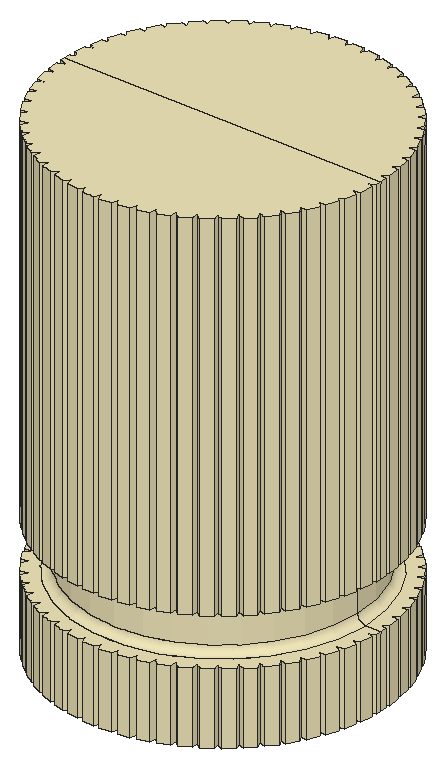
Revit family "ALMA-Mia_Linear_Handle-FaceBased", category Specialty Equipment, host Face, Revit 2026
Family settings
  Host = Face
  Round Connector Dimension = Use Diameter
  Part Type = Normal
  Enable Cutting in Views = Yes
  Cut with Voids When Loaded = No
  Maintain Annotation Orientation = No
  Shared = No
  Room Calculation Point = No
Parameters (values of type "BRUSHED BRASS GOLD")
  Material = BM_BRASS GOLD
  Default Elevation = 0 mm
Types (7, lengths in mm): name | Material
  (no name) | BM_BRASS GOLD
  CHROME | BM_CHROME
  BRUSHED GUNMETAL | BM_GUNMETAL
  BRUSHED ANTIQUE BRASS | BM_ANTIQUE BRASS
  BRUSHED NICKEL | BM_NICKEL
  MATTE BLACK | BM_MATTE BLACK
  BRUSHED BRASS GOLD | BM_BRASS GOLD
Reference planes
  plane 1 "Center (Front/Back)": y = 0
  plane 2: z = 0
  plane 3 "Center (Left/Right)": x = 0
Forms (mm)
  Extrusion 1, void
    sketch origin (0, 0, 0) x (1, 0, 0) y (0, 1, 0)
      loop
        circle (0, 0) r 3.474
    from 0 to 3.5
  Revolve 2, solid, material "BM_BRASS GOLD" <- "Material"
    sketch origin (0, 0, 0) x (1, 0, 0) y (0, 0, 1)
      loop
        line (0, 0) -> (0, 30) -> (-10.02, 30) -> (-10.02, 7.5) -> (-9.023, 7.5)
        arc (-9.023, 7.5) -> (-8.667, 7.353) -> (-8.52, 6.997) r 0.503
        line (-8.52, 6.997) -> (-8.52, 5.018)
        arc (-8.52, 5.018) -> (-8.671, 4.652) -> (-9.038, 4.5) r 0.518
        line (-9.038, 4.5) -> (-10.02, 4.5) -> (-10.02, 0) -> (0, 0)
      axis (0, 30) -> (0, 0)
    angle from 0 to 360
  Extrusion 3, void
    sketch origin (0.421, 0.281, 0) x (-0.555292, 0.831656, 0) y (-0.831656, -0.555292, 0)
      loop
        line (0, 10.17) -> (0.488, 11.16) -> (-0.5, 11.16) -> (0, 10.17)
    from 0 to 30
  Extrusion 4, void
    sketch origin (0.384, 0.329, 0) x (-0.650011, 0.759925, 0) y (-0.759925, -0.650011, 0)
      loop
        line (0, 10.17) -> (0.488, 11.16) -> (-0.5, 11.16) -> (0, 10.17)
    from 0 to 30
  Extrusion 5, void
    sketch origin (0.448, 0.234, 0) x (-0.462283, 0.886732, 0) y (-0.886732, -0.462283, 0)
      loop
        line (0, 10.17) -> (0.488, 11.16) -> (-0.5, 11.16) -> (0, 10.17)
    from 0 to 30
  Extrusion 6, void
    sketch origin (0.471, 0.184, 0) x (-0.363873, 0.931449, 0) y (-0.931449, -0.363873, 0)
      loop
        line (0, 10.17) -> (0.488, 11.16) -> (-0.5, 11.16) -> (0, 10.17)
    from 0 to 30
  Extrusion 7, void
    sketch origin (0.488, 0.132, 0) x (-0.261211, 0.965282, 0) y (-0.965282, -0.261211, 0)
      loop
        line (0, 10.17) -> (0.488, 11.16) -> (-0.5, 11.16) -> (0, 10.17)
    from 0 to 30
  Extrusion 8, void
    sketch origin (0.5, 0.079, 0) x (-0.155498, 0.987836, 0) y (-0.987836, -0.155498, 0)
      loop
        line (0, 10.17) -> (0.488, 11.16) -> (-0.5, 11.16) -> (0, 10.17)
    from 0 to 30
  Extrusion 9, void
    sketch origin (0.505, 0.024, 0) x (-0.047967, 0.998849, 0) y (-0.998849, -0.047967, 0)
      loop
        line (0, 10.17) -> (0.488, 11.16) -> (-0.5, 11.16) -> (0, 10.17)
    from 0 to 30
  Extrusion 10, void
    sketch origin (0.505, -0.03, 0) x (0.060124, 0.998191, 0) y (-0.998191, 0.060124, 0)
      loop
        line (0, 10.17) -> (0.488, 11.16) -> (-0.5, 11.16) -> (0, 10.17)
    from 0 to 30
  Extrusion 11, void
    sketch origin (0.499, -0.085, 0) x (0.167512, 0.98587, 0) y (-0.98587, 0.167512, 0)
      loop
        line (0, 10.17) -> (0.488, 11.16) -> (-0.5, 11.16) -> (0, 10.17)
    from 0 to 30
  Extrusion 12, void
    sketch origin (0.487, -0.138, 0) x (0.272943, 0.96203, 0) y (-0.96203, 0.272943, 0)
      loop
        line (0, 10.17) -> (0.488, 11.16) -> (-0.5, 11.16) -> (0, 10.17)
    from 0 to 30
  Extrusion 13, void
    sketch origin (0.469, -0.19, 0) x (0.375186, 0.92695, 0) y (-0.92695, 0.375186, 0)
      loop
        line (0, 10.17) -> (0.488, 11.16) -> (-0.5, 11.16) -> (0, 10.17)
    from 0 to 30
  Extrusion 14, void
    sketch origin (0.446, -0.239, 0) x (0.473044, 0.881039, 0) y (-0.881039, 0.473044, 0)
      loop
        line (0, 10.17) -> (0.488, 11.16) -> (-0.5, 11.16) -> (0, 10.17)
    from 0 to 30
  Extrusion 15, void
    sketch origin (0.417, -0.286, 0) x (0.565375, 0.824834, 0) y (-0.824834, 0.565375, 0)
      loop
        line (0, 10.17) -> (0.488, 11.16) -> (-0.5, 11.16) -> (0, 10.17)
    from 0 to 30
  Extrusion 16, void
    sketch origin (0.384, -0.329, 0) x (0.651101, 0.758991, 0) y (-0.758991, 0.651101, 0)
      loop
        line (0, 10.17) -> (0.488, 11.16) -> (-0.5, 11.16) -> (0, 10.17)
    from 0 to 30
  Extrusion 17, void
    sketch origin (0.346, -0.369, 0) x (0.729219, 0.684281, 0) y (-0.684281, 0.729219, 0)
      loop
        line (0, 10.17) -> (0.488, 11.16) -> (-0.5, 11.16) -> (0, 10.17)
    from 0 to 30
  Extrusion 18, void
    sketch origin (0.304, -0.404, 0) x (0.798816, 0.601575, 0) y (-0.601575, 0.798816, 0)
      loop
        line (0, 10.17) -> (0.488, 11.16) -> (-0.5, 11.16) -> (0, 10.17)
    from 0 to 30
  Extrusion 19, void
    sketch origin (0.259, -0.435, 0) x (0.859081, 0.51184, 0) y (-0.51184, 0.859081, 0)
      loop
        line (0, 10.17) -> (0.488, 11.16) -> (-0.5, 11.16) -> (0, 10.17)
    from 0 to 30
  Extrusion 20, void
    sketch origin (0.21, -0.46, 0) x (0.909307, 0.416125, 0) y (-0.416125, 0.909307, 0)
      loop
        line (0, 10.17) -> (0.488, 11.16) -> (-0.5, 11.16) -> (0, 10.17)
    from 0 to 30
  Extrusion 21, void
    sketch origin (0.16, -0.48, 0) x (0.94891, 0.315548, 0) y (-0.315548, 0.94891, 0)
      loop
        line (0, 10.17) -> (0.488, 11.16) -> (-0.5, 11.16) -> (0, 10.17)
    from 0 to 30
  Extrusion 22, void
    sketch origin (0.107, -0.494, 0) x (0.977425, 0.211284, 0) y (-0.211284, 0.977425, 0)
      loop
        line (0, 10.17) -> (0.488, 11.16) -> (-0.5, 11.16) -> (0, 10.17)
    from 0 to 30
  Extrusion 23, void
    sketch origin (0.053, -0.503, 0) x (0.994519, 0.104552, 0) y (-0.104552, 0.994519, 0)
      loop
        line (0, 10.17) -> (0.488, 11.16) -> (-0.5, 11.16) -> (0, 10.17)
    from 0 to 30
  Extrusion 24, void
    sketch origin (-0.002, -0.506, 0) x (0.999994, -0.003402, 0) y (0.003402, 0.999994, 0)
      loop
        line (0, 10.17) -> (0.488, 11.16) -> (-0.5, 11.16) -> (0, 10.17)
    from 0 to 30
  Extrusion 25, void
    sketch origin (-0.056, -0.503, 0) x (0.993785, -0.111317, 0) y (0.111317, 0.993785, 0)
      loop
        line (0, 10.17) -> (0.488, 11.16) -> (-0.5, 11.16) -> (0, 10.17)
    from 0 to 30
  Extrusion 26, void
    sketch origin (-0.11, -0.494, 0) x (0.975964, -0.217931, 0) y (0.217931, 0.975964, 0)
      loop
        line (0, 10.17) -> (0.488, 11.16) -> (-0.5, 11.16) -> (0, 10.17)
    from 0 to 30
  Extrusion 27, void
    sketch origin (-0.163, -0.479, 0) x (0.94674, -0.321998, 0) y (0.321998, 0.94674, 0)
      loop
        line (0, 10.17) -> (0.488, 11.16) -> (-0.5, 11.16) -> (0, 10.17)
    from 0 to 30
  Extrusion 28, void
    sketch origin (-0.214, -0.458, 0) x (0.906455, -0.422303, 0) y (0.422303, 0.906455, 0)
      loop
        line (0, 10.17) -> (0.488, 11.16) -> (-0.5, 11.16) -> (0, 10.17)
    from 0 to 30
  Extrusion 29, void
    sketch origin (-0.262, -0.433, 0) x (0.855578, -0.517674, 0) y (0.517674, 0.855578, 0)
      loop
        line (0, 10.17) -> (0.488, 11.16) -> (-0.5, 11.16) -> (0, 10.17)
    from 0 to 30
  Extrusion 30, void
    sketch origin (-0.307, -0.402, 0) x (0.794704, -0.606997, 0) y (0.606997, 0.794704, 0)
      loop
        line (0, 10.17) -> (0.488, 11.16) -> (-0.5, 11.16) -> (0, 10.17)
    from 0 to 30
  Extrusion 31, void
    sketch origin (-0.349, -0.366, 0) x (0.724545, -0.689227, 0) y (0.689227, 0.724545, 0)
      loop
        line (0, 10.17) -> (0.488, 11.16) -> (-0.5, 11.16) -> (0, 10.17)
    from 0 to 30
  Extrusion 32, void
    sketch origin (-0.386, -0.327, 0) x (0.645921, -0.763404, 0) y (0.763404, 0.645921, 0)
      loop
        line (0, 10.17) -> (0.488, 11.16) -> (-0.5, 11.16) -> (0, 10.17)
    from 0 to 30
  Extrusion 33, void
    sketch origin (-0.419, -0.283, 0) x (0.559749, -0.828662, 0) y (0.828662, 0.559749, 0)
      loop
        line (0, 10.17) -> (0.488, 11.16) -> (-0.5, 11.16) -> (0, 10.17)
    from 0 to 30
  Extrusion 34, void
    sketch origin (-0.447, -0.236, 0) x (0.467038, -0.884237, 0) y (0.884237, 0.467038, 0)
      loop
        line (0, 10.17) -> (0.488, 11.16) -> (-0.5, 11.16) -> (0, 10.17)
    from 0 to 30
  Extrusion 35, void
    sketch origin (-0.47, -0.187, 0) x (0.368869, -0.929481, 0) y (0.929481, 0.368869, 0)
      loop
        line (0, 10.17) -> (0.488, 11.16) -> (-0.5, 11.16) -> (0, 10.17)
    from 0 to 30
  Extrusion 36, void
    sketch origin (-0.487, -0.135, 0) x (0.266391, -0.963865, 0) y (0.963865, 0.266391, 0)
      loop
        line (0, 10.17) -> (0.488, 11.16) -> (-0.5, 11.16) -> (0, 10.17)
    from 0 to 30
  Extrusion 37, void
    sketch origin (-0.499, -0.081, 0) x (0.1608, -0.986987, 0) y (0.986987, 0.1608, 0)
      loop
        line (0, 10.17) -> (0.488, 11.16) -> (-0.5, 11.16) -> (0, 10.17)
    from 0 to 30
  Extrusion 38, void
    sketch origin (-0.505, -0.027, 0) x (0.05333, -0.998577, 0) y (0.998577, 0.05333, 0)
      loop
        line (0, 10.17) -> (0.488, 11.16) -> (-0.5, 11.16) -> (0, 10.17)
    from 0 to 30
  Extrusion 39, void
    sketch origin (-0.505, 0.028, 0) x (-0.054763, -0.998499, 0) y (0.998499, -0.054763, 0)
      loop
        line (0, 10.17) -> (0.488, 11.16) -> (-0.5, 11.16) -> (0, 10.17)
    from 0 to 30
  Extrusion 40, void
    sketch origin (-0.499, 0.082, 0) x (-0.162216, -0.986755, 0) y (0.986755, -0.162216, 0)
      loop
        line (0, 10.17) -> (0.488, 11.16) -> (-0.5, 11.16) -> (0, 10.17)
    from 0 to 30
  Extrusion 41, void
    sketch origin (-0.487, 0.135, 0) x (-0.267774, -0.963482, 0) y (0.963482, -0.267774, 0)
      loop
        line (0, 10.17) -> (0.488, 11.16) -> (-0.5, 11.16) -> (0, 10.17)
    from 0 to 30
  Extrusion 42, void
    sketch origin (-0.47, 0.187, 0) x (-0.370203, -0.928951, 0) y (0.928951, -0.370203, 0)
      loop
        line (0, 10.17) -> (0.488, 11.16) -> (-0.5, 11.16) -> (0, 10.17)
    from 0 to 30
  Extrusion 43, void
    sketch origin (-0.447, 0.237, 0) x (-0.468306, -0.883566, 0) y (0.883566, -0.468306, 0)
      loop
        line (0, 10.17) -> (0.488, 11.16) -> (-0.5, 11.16) -> (0, 10.17)
    from 0 to 30
  Extrusion 44, void
    sketch origin (-0.419, 0.284, 0) x (-0.560938, -0.827858, 0) y (0.827858, -0.560938, 0)
      loop
        line (0, 10.17) -> (0.488, 11.16) -> (-0.5, 11.16) -> (0, 10.17)
    from 0 to 30
  Extrusion 45, void
    sketch origin (-0.386, 0.327, 0) x (-0.647016, -0.762477, 0) y (0.762477, -0.647016, 0)
      loop
        line (0, 10.17) -> (0.488, 11.16) -> (-0.5, 11.16) -> (0, 10.17)
    from 0 to 30
  Extrusion 46, void
    sketch origin (-0.348, 0.367, 0) x (-0.725534, -0.688187, 0) y (0.688187, -0.725534, 0)
      loop
        line (0, 10.17) -> (0.488, 11.16) -> (-0.5, 11.16) -> (0, 10.17)
    from 0 to 30
  Extrusion 47, void
    sketch origin (-0.306, 0.402, 0) x (-0.795575, -0.605856, 0) y (0.605856, -0.795575, 0)
      loop
        line (0, 10.17) -> (0.488, 11.16) -> (-0.5, 11.16) -> (0, 10.17)
    from 0 to 30
  Extrusion 48, void
    sketch origin (-0.261, 0.433, 0) x (-0.85632, -0.516446, 0) y (0.516446, -0.85632, 0)
      loop
        line (0, 10.17) -> (0.488, 11.16) -> (-0.5, 11.16) -> (0, 10.17)
    from 0 to 30
  Extrusion 49, void
    sketch origin (-0.213, 0.459, 0) x (-0.90706, -0.421002, 0) y (0.421002, -0.90706, 0)
      loop
        line (0, 10.17) -> (0.488, 11.16) -> (-0.5, 11.16) -> (0, 10.17)
    from 0 to 30
  Extrusion 50, void
    sketch origin (-0.162, 0.479, 0) x (-0.947201, -0.320639, 0) y (0.320639, -0.947201, 0)
      loop
        line (0, 10.17) -> (0.488, 11.16) -> (-0.5, 11.16) -> (0, 10.17)
    from 0 to 30
  Extrusion 51, void
    sketch origin (-0.11, 0.494, 0) x (-0.976276, -0.21653, 0) y (0.21653, -0.976276, 0)
      loop
        line (0, 10.17) -> (0.488, 11.16) -> (-0.5, 11.16) -> (0, 10.17)
    from 0 to 30
  Extrusion 52, void
    sketch origin (-0.056, 0.503, 0) x (-0.993944, -0.10989, 0) y (0.10989, -0.993944, 0)
      loop
        line (0, 10.17) -> (0.488, 11.16) -> (-0.5, 11.16) -> (0, 10.17)
    from 0 to 30
  Extrusion 53, void
    sketch origin (-0.001, 0.506, 0) x (-0.999998, -0.001967, 0) y (0.001967, -0.999998, 0)
      loop
        line (0, 10.17) -> (0.488, 11.16) -> (-0.5, 11.16) -> (0, 10.17)
    from 0 to 30
  Extrusion 54, void
    sketch origin (0.054, 0.503, 0) x (-0.994368, 0.105979, 0) y (-0.105979, -0.994368, 0)
      loop
        line (0, 10.17) -> (0.488, 11.16) -> (-0.5, 11.16) -> (0, 10.17)
    from 0 to 30
  Extrusion 55, void
    sketch origin (0.108, 0.494, 0) x (-0.97712, 0.212687, 0) y (-0.212687, -0.97712, 0)
      loop
        line (0, 10.17) -> (0.488, 11.16) -> (-0.5, 11.16) -> (0, 10.17)
    from 0 to 30
  Extrusion 56, void
    sketch origin (0.16, 0.48, 0) x (-0.948456, 0.31691, 0) y (-0.31691, -0.948456, 0)
      loop
        line (0, 10.17) -> (0.488, 11.16) -> (-0.5, 11.16) -> (0, 10.17)
    from 0 to 30
  Extrusion 57, void
    sketch origin (0.211, 0.46, 0) x (-0.908709, 0.41743, 0) y (-0.41743, -0.908709, 0)
      loop
        line (0, 10.17) -> (0.488, 11.16) -> (-0.5, 11.16) -> (0, 10.17)
    from 0 to 30
  Extrusion 58, void
    sketch origin (0.259, 0.434, 0) x (-0.858345, 0.513073, 0) y (-0.513073, -0.858345, 0)
      loop
        line (0, 10.17) -> (0.488, 11.16) -> (-0.5, 11.16) -> (0, 10.17)
    from 0 to 30
  Extrusion 59, void
    sketch origin (0.305, 0.404, 0) x (-0.797952, 0.602721, 0) y (-0.602721, -0.797952, 0)
      loop
        line (0, 10.17) -> (0.488, 11.16) -> (-0.5, 11.16) -> (0, 10.17)
    from 0 to 30
  Extrusion 60, void
    sketch origin (0.347, 0.368, 0) x (-0.728236, 0.685327, 0) y (-0.685327, -0.728236, 0)
      loop
        line (0, 10.17) -> (0.488, 11.16) -> (-0.5, 11.16) -> (0, 10.17)
    from 0 to 30
Cuts and joins
  Extrusion 1, Extrusion 3, Extrusion 4, Extrusion 5, Extrusion 6, Extrusion 7, Extrusion 8, Extrusion 9, Extrusion 10, Extrusion 11, Extrusion 12, Extrusion 13, Extrusion 14, Extrusion 15, Extrusion 16, Extrusion 17, Extrusion 18, Extrusion 19, Extrusion 20, Extrusion 21, Extrusion 22, Extrusion 23, Extrusion 24, Extrusion 25, Extrusion 26, Extrusion 27, Extrusion 28, Extrusion 29, Extrusion 30, Extrusion 31, Extrusion 32, Extrusion 33, Extrusion 34, Extrusion 35, Extrusion 36, Extrusion 37, Extrusion 38, Extrusion 39, Extrusion 40, Extrusion 41, Extrusion 42, Extrusion 43, Extrusion 44, Extrusion 45, Extrusion 46, Extrusion 47, Extrusion 48, Extrusion 49, Extrusion 50, Extrusion 51, Extrusion 52, Extrusion 53, Extrusion 54, Extrusion 55, Extrusion 56, Extrusion 57, Extrusion 58, Extrusion 59, Extrusion 60 cuts Revolve 2
Text (mm)
  text "Refer to www.buildmat.com.au for the most current product literature. \nAllow a +/- 5mm tolerance for dimensions shown in the product literature. \nPlease note product details are subject to change due to ongoing product development." at (-25.809, -96.699, 0), in view "Ref. Level"
Dimensions and locks
  aligned and locked: plane 2 to host face
  aligned and locked: level to host face
